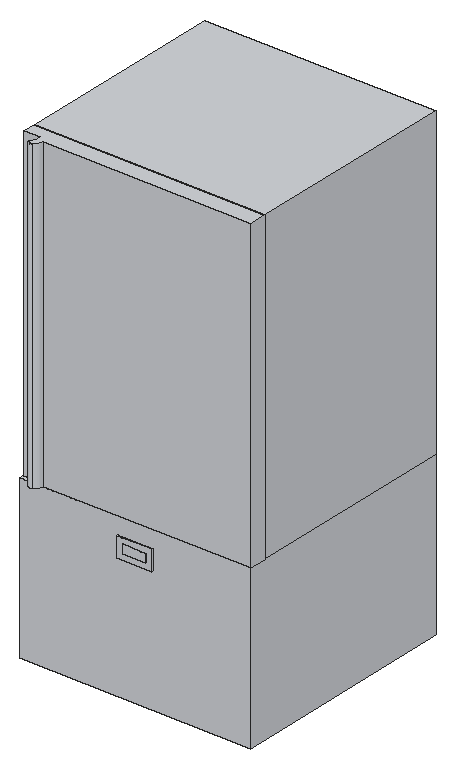
Revit family "Шкафы шоковой заморозки", category Оборудование, Revit 2020
Family settings
  Размер круглого соединителя = Использовать диаметр
  Классификация = Нет
  Тип детали = Нормальный
  На основе рабочей плоскости = Нет
  Всегда вертикально = Да
  При загрузке вырезать с полостями = Нет
  Общий = Нет
  Точка расчета площади = Нет
Parameters (values of type "GR10-G")
  Цена, руб. = "209 900"
  Хладагент = "R404/R452"
  Усл. окр. среды (тем., вл-сть %) = "до +40"
  Толщина стенки корпуса, мм = "61"
  Тип оттайки = "автоматическая, горячим газом"
  Терморегулятор = "электронный блок управления"
  Система электропитания, В/Гц = "230/50"
  Режим мягкого охлаждения = "+"
  Режим мягкого замораживания = "+"
  Режим быстрого охлаждения = "+"
  Режим быстрого замораживания = "+"
  Размеры в упаковке, мм = "920х1860х1000"
  Охлаждение от ... до ... темп. = "+90 ... +3"
  Отметка по умолчанию = 0 mm
  Низкий = no
  Материал обшивок корпуса = "нержавеющая сталь"
  Масса охлаждаемого продукта, кг = "35"
  Масса нетто/брутто, кг = "175/210"
  Масса замораживаемого продукта, кг = "25"
  Кол-во уровней под GN1/1 или EN40/60 = "10"
  Замораживание от ... до ... темп. = "+90 ... -18"
  Габаритные размеры, мм = "800х800х1670"
  Высокий = yes
  Время охлаждения = "90 минут"
  Время замораживания = "240 минут"
  IP 24 = "+"
Reference planes
  plane 1 "По центру (Вперед/Назад)": y = 0
  plane 2: z = 0
  plane 3 "По центру (Влево/Вправо)": x = 0
  plane 4: x = -400
  plane 5: x = 400
  plane 6: z = 900
  plane 7: z = 380
  plane 8: z = 40
  plane 9: y = -800
  plane 10: y = -739
  plane 11: x = -60
  plane 12: x = 60
  plane 13: z = 330
  plane 14: z = 260
  plane 15: y = -805
  plane 16: y = -369
  plane 17: z = 600
  plane 18: z = 1670
  plane 19: x = -300
  plane 20: x = 300
  plane 21: y = -100
  plane 22: y = -639
Forms (mm)
  Extrusion 1, solid, visible <- "Низкий"
    sketch origin (0, 0, 0) x (1, 0, 0) y (0, 0, 1)
      loop
        line (-400, 900) -> (-400, 380) -> (400, 380) -> (400, 900) -> (-400, 900)
    from 0 to 739
  Extrusion 2, solid, visible <- "Низкий"
    sketch origin (0, 0, 0) x (1, 0, 0) y (0, 0, 1)
      loop
        line (-400, 380) -> (-400, 40) -> (400, 40) -> (400, 380) -> (-400, 380)
    from 0 to 800
  Extrusion 3, solid, visible <- "Низкий"
    sketch origin (0, 0, 0) x (1, 0, 0) y (0, 1, 0)
      loop
        line (-400, -739) -> (-400, -784) -> (-345, -784)
        arc (-345, -784) -> (-345.307, -801.014) -> (-355, -815) r 29.361
        arc (-355, -815) -> (-351.155, -825.482) -> (-340, -825) r 9.46
        arc (-340, -825) -> (-327.696, -814.987) -> (-322.495, -800) r 29.025
        line (-322.495, -800) -> (400, -800) -> (400, -739) -> (-400, -739)
    from 380 to 900
  Extrusion 4, solid, visible <- "Низкий", detail levels medium+fine
    sketch origin (0, 0, 0) x (1, 0, 0) y (0, 0, 1)
      loop
        line (-60, 330) -> (-60, 260) -> (60, 260) -> (60, 330) -> (-60, 330)
    from 800 to 805
  Extrusion 5, solid, visible <- "Низкий", detail levels fine
    sketch origin (0, 0, 0) x (1, 0, 0) y (0, 0, 1)
      loop
        line (-40, 310) -> (-40, 280) -> (40, 280) -> (40, 310) -> (-40, 310)
    from 800 to 805
  Extrusion 6, solid, visible <- "Высокий"
    sketch origin (0, -800, 0) x (1, 0, 0) y (0, 0, 1)
      loop
        line (-400, 600) -> (-400, 40) -> (400, 40) -> (400, 600) -> (-400, 600)
    from -800 to 0
  Extrusion 7, solid, visible <- "Высокий", detail levels medium+fine
    sketch origin (0, 0, 211.586) x (1, 0, 0) y (0, 0, 1)
      loop
        line (-60, 330) -> (-60, 260) -> (60, 260) -> (60, 330) -> (-60, 330)
    from 800 to 805
  Extrusion 8, solid, visible <- "Высокий", detail levels fine
    sketch origin (0, 0, 211.586) x (1, 0, 0) y (0, 0, 1)
      loop
        line (-40, 310) -> (-40, 280) -> (40, 280) -> (40, 310) -> (-40, 310)
    from 800 to 805
  Extrusion 9, solid, visible <- "Высокий"
    sketch origin (0, -800, 0) x (1, 0, 0) y (0, 0, 1)
      loop
        line (-400, 1670) -> (-400, 600) -> (400, 600) -> (400, 1670) -> (-400, 1670)
    from -800 to -61
  Extrusion 10, solid, visible <- "Высокий"
    sketch origin (0, 0, 0) x (1, 0, 0) y (0, 1, 0)
      loop
        line (-400, -739) -> (-400, -784) -> (-345, -784)
        arc (-345, -784) -> (-345.307, -801.014) -> (-355, -815) r 29.361
        arc (-355, -815) -> (-351.155, -825.482) -> (-340, -825) r 9.46
        arc (-340, -825) -> (-327.696, -814.987) -> (-322.495, -800) r 29.025
        line (-322.495, -800) -> (400, -800) -> (400, -739) -> (-400, -739)
    from 600 to 1670
  Extrusion 11, solid
    sketch origin (0, 0, 0) x (1, 0, 0) y (0, 1, 0)
      loop
        circle (-300, -100) r 40
      loop
        circle (-300, -639) r 40
      loop
        circle (300, -639) r 40
      loop
        circle (300, -100) r 40
    from 0 to 40
Lines and regions (mm)
  model lines, visible <- "Низкий", detail levels fine
    curve 1: line (-18.293, -800, 236.857) -> (-4.151, -800, 222.715)
    curve 2: line (-18.293, -800, 221.857) -> (-4.151, -800, 207.715)
    curve 3: line (-18.293, -800, 206.857) -> (-4.151, -800, 192.715)
    curve 4: line (-18.293, -800, 191.857) -> (-4.151, -800, 177.715)
    curve 5: line (-18.293, -800, 176.857) -> (-4.151, -800, 162.715)
    curve 6: line (-18.293, -800, 161.857) -> (-4.151, -800, 147.715)
    curve 7: line (-18.293, -800, 146.857) -> (-4.151, -800, 132.715)
    curve 8: line (-18.293, -800, 131.857) -> (-4.151, -800, 117.715)
    curve 9: line (-18.293, -800, 116.857) -> (-4.151, -800, 102.715)
    curve 10: line (-18.293, -800, 101.857) -> (-4.151, -800, 87.715)
    curve 11: line (-18.293, -800, 86.857) -> (-4.151, -800, 72.715)
    curve 12: line (-18.293, -800, 71.857) -> (-4.151, -800, 57.715)
    curve 13: line (-38.293, -800, 236.857) -> (-24.151, -800, 222.715)
    curve 14: line (-38.293, -800, 221.857) -> (-24.151, -800, 207.715)
    curve 15: line (-38.293, -800, 206.857) -> (-24.151, -800, 192.715)
    curve 16: line (-38.293, -800, 191.857) -> (-24.151, -800, 177.715)
    curve 17: line (-38.293, -800, 176.857) -> (-24.151, -800, 162.715)
    curve 18: line (-38.293, -800, 161.857) -> (-24.151, -800, 147.715)
    curve 19: line (-38.293, -800, 146.857) -> (-24.151, -800, 132.715)
    curve 20: line (-38.293, -800, 131.857) -> (-24.151, -800, 117.715)
    curve 21: line (-38.293, -800, 116.857) -> (-24.151, -800, 102.715)
    curve 22: line (-38.293, -800, 101.857) -> (-24.151, -800, 87.715)
    curve 23: line (-38.293, -800, 86.857) -> (-24.151, -800, 72.715)
    curve 24: line (-38.293, -800, 71.857) -> (-24.151, -800, 57.715)
    curve 25: line (-58.293, -800, 236.857) -> (-44.151, -800, 222.715)
    curve 26: line (-58.293, -800, 221.857) -> (-44.151, -800, 207.715)
    curve 27: line (-58.293, -800, 206.857) -> (-44.151, -800, 192.715)
    curve 28: line (-58.293, -800, 191.857) -> (-44.151, -800, 177.715)
    curve 29: line (-58.293, -800, 176.857) -> (-44.151, -800, 162.715)
    curve 30: line (-58.293, -800, 161.857) -> (-44.151, -800, 147.715)
    curve 31: line (-58.293, -800, 146.857) -> (-44.151, -800, 132.715)
    curve 32: line (-58.293, -800, 131.857) -> (-44.151, -800, 117.715)
    curve 33: line (-58.293, -800, 116.857) -> (-44.151, -800, 102.715)
    curve 34: line (-58.293, -800, 101.857) -> (-44.151, -800, 87.715)
    curve 35: line (-58.293, -800, 86.857) -> (-44.151, -800, 72.715)
    curve 36: line (-58.293, -800, 71.857) -> (-44.151, -800, 57.715)
    curve 37: line (-78.293, -800, 236.857) -> (-64.151, -800, 222.715)
    curve 38: line (-78.293, -800, 221.857) -> (-64.151, -800, 207.715)
    curve 39: line (-78.293, -800, 206.857) -> (-64.151, -800, 192.715)
    curve 40: line (-78.293, -800, 191.857) -> (-64.151, -800, 177.715)
    curve 41: line (-78.293, -800, 176.857) -> (-64.151, -800, 162.715)
    curve 42: line (-78.293, -800, 161.857) -> (-64.151, -800, 147.715)
    curve 43: line (-78.293, -800, 146.857) -> (-64.151, -800, 132.715)
    curve 44: line (-78.293, -800, 131.857) -> (-64.151, -800, 117.715)
    curve 45: line (-78.293, -800, 116.857) -> (-64.151, -800, 102.715)
    curve 46: line (-78.293, -800, 101.857) -> (-64.151, -800, 87.715)
    curve 47: line (-78.293, -800, 86.857) -> (-64.151, -800, 72.715)
    curve 48: line (-78.293, -800, 71.857) -> (-64.151, -800, 57.715)
    curve 49: line (-98.293, -800, 236.857) -> (-84.151, -800, 222.715)
    curve 50: line (-98.293, -800, 221.857) -> (-84.151, -800, 207.715)
    curve 51: line (-98.293, -800, 206.857) -> (-84.151, -800, 192.715)
    curve 52: line (-98.293, -800, 191.857) -> (-84.151, -800, 177.715)
    curve 53: line (-98.293, -800, 176.857) -> (-84.151, -800, 162.715)
    curve 54: line (-98.293, -800, 161.857) -> (-84.151, -800, 147.715)
    curve 55: line (-98.293, -800, 146.857) -> (-84.151, -800, 132.715)
    curve 56: line (-98.293, -800, 131.857) -> (-84.151, -800, 117.715)
    curve 57: line (-98.293, -800, 116.857) -> (-84.151, -800, 102.715)
    curve 58: line (-98.293, -800, 101.857) -> (-84.151, -800, 87.715)
    curve 59: line (-98.293, -800, 86.857) -> (-84.151, -800, 72.715)
    curve 60: line (-98.293, -800, 71.857) -> (-84.151, -800, 57.715)
    curve 61: line (-98.293, -800, 251.857) -> (-84.151, -800, 237.715)
    curve 62: line (-98.293, -800, 266.857) -> (-84.151, -800, 252.715)
    curve 63: line (-98.293, -800, 281.857) -> (-84.151, -800, 267.715)
    curve 64: line (-98.293, -800, 296.857) -> (-84.151, -800, 282.715)
    curve 65: line (-98.293, -800, 311.857) -> (-84.151, -800, 297.715)
    curve 66: line (-118.293, -800, 236.857) -> (-104.151, -800, 222.715)
    curve 67: line (-118.293, -800, 221.857) -> (-104.151, -800, 207.715)
    curve 68: line (-118.293, -800, 206.857) -> (-104.151, -800, 192.715)
    curve 69: line (-118.293, -800, 191.857) -> (-104.151, -800, 177.715)
    curve 70: line (-118.293, -800, 176.857) -> (-104.151, -800, 162.715)
    curve 71: line (-118.293, -800, 161.857) -> (-104.151, -800, 147.715)
    curve 72: line (-118.293, -800, 146.857) -> (-104.151, -800, 132.715)
    curve 73: line (-118.293, -800, 131.857) -> (-104.151, -800, 117.715)
    curve 74: line (-118.293, -800, 116.857) -> (-104.151, -800, 102.715)
    curve 75: line (-118.293, -800, 101.857) -> (-104.151, -800, 87.715)
    curve 76: line (-118.293, -800, 86.857) -> (-104.151, -800, 72.715)
    curve 77: line (-118.293, -800, 71.857) -> (-104.151, -800, 57.715)
    curve 78: line (-118.293, -800, 251.857) -> (-104.151, -800, 237.715)
    curve 79: line (-118.293, -800, 266.857) -> (-104.151, -800, 252.715)
    curve 80: line (-118.293, -800, 281.857) -> (-104.151, -800, 267.715)
    curve 81: line (-118.293, -800, 296.857) -> (-104.151, -800, 282.715)
    curve 82: line (-118.293, -800, 311.857) -> (-104.151, -800, 297.715)
    curve 83: line (-138.293, -800, 236.857) -> (-124.151, -800, 222.715)
    curve 84: line (-138.293, -800, 221.857) -> (-124.151, -800, 207.715)
    curve 85: line (-138.293, -800, 206.857) -> (-124.151, -800, 192.715)
    curve 86: line (-138.293, -800, 191.857) -> (-124.151, -800, 177.715)
    curve 87: line (-138.293, -800, 176.857) -> (-124.151, -800, 162.715)
    curve 88: line (-138.293, -800, 161.857) -> (-124.151, -800, 147.715)
    curve 89: line (-138.293, -800, 146.857) -> (-124.151, -800, 132.715)
    curve 90: line (-138.293, -800, 131.857) -> (-124.151, -800, 117.715)
    curve 91: line (-138.293, -800, 116.857) -> (-124.151, -800, 102.715)
    curve 92: line (-138.293, -800, 101.857) -> (-124.151, -800, 87.715)
    curve 93: line (-138.293, -800, 86.857) -> (-124.151, -800, 72.715)
    curve 94: line (-138.293, -800, 71.857) -> (-124.151, -800, 57.715)
    curve 95: line (-138.293, -800, 251.857) -> (-124.151, -800, 237.715)
    curve 96: line (-138.293, -800, 266.857) -> (-124.151, -800, 252.715)
    curve 97: line (-138.293, -800, 281.857) -> (-124.151, -800, 267.715)
    curve 98: line (-138.293, -800, 296.857) -> (-124.151, -800, 282.715)
    curve 99: line (-138.293, -800, 311.857) -> (-124.151, -800, 297.715)
    curve 100: line (-158.293, -800, 236.857) -> (-144.151, -800, 222.715)
    curve 101: line (-158.293, -800, 221.857) -> (-144.151, -800, 207.715)
    curve 102: line (-158.293, -800, 206.857) -> (-144.151, -800, 192.715)
    curve 103: line (-158.293, -800, 191.857) -> (-144.151, -800, 177.715)
    curve 104: line (-158.293, -800, 176.857) -> (-144.151, -800, 162.715)
    curve 105: line (-158.293, -800, 161.857) -> (-144.151, -800, 147.715)
    curve 106: line (-158.293, -800, 146.857) -> (-144.151, -800, 132.715)
    curve 107: line (-158.293, -800, 131.857) -> (-144.151, -800, 117.715)
    curve 108: line (-158.293, -800, 116.857) -> (-144.151, -800, 102.715)
    curve 109: line (-158.293, -800, 101.857) -> (-144.151, -800, 87.715)
    curve 110: line (-158.293, -800, 86.857) -> (-144.151, -800, 72.715)
    curve 111: line (-158.293, -800, 71.857) -> (-144.151, -800, 57.715)
    curve 112: line (-158.293, -800, 251.857) -> (-144.151, -800, 237.715)
    curve 113: line (-158.293, -800, 266.857) -> (-144.151, -800, 252.715)
    curve 114: line (-158.293, -800, 281.857) -> (-144.151, -800, 267.715)
    curve 115: line (-158.293, -800, 296.857) -> (-144.151, -800, 282.715)
    curve 116: line (-158.293, -800, 311.857) -> (-144.151, -800, 297.715)
    curve 117: line (-178.293, -800, 236.857) -> (-164.151, -800, 222.715)
    curve 118: line (-178.293, -800, 221.857) -> (-164.151, -800, 207.715)
    curve 119: line (-178.293, -800, 206.857) -> (-164.151, -800, 192.715)
    curve 120: line (-178.293, -800, 191.857) -> (-164.151, -800, 177.715)
    curve 121: line (-178.293, -800, 176.857) -> (-164.151, -800, 162.715)
    curve 122: line (-178.293, -800, 161.857) -> (-164.151, -800, 147.715)
    curve 123: line (-178.293, -800, 146.857) -> (-164.151, -800, 132.715)
    curve 124: line (-178.293, -800, 131.857) -> (-164.151, -800, 117.715)
    curve 125: line (-178.293, -800, 116.857) -> (-164.151, -800, 102.715)
    curve 126: line (-178.293, -800, 101.857) -> (-164.151, -800, 87.715)
    curve 127: line (-178.293, -800, 86.857) -> (-164.151, -800, 72.715)
    curve 128: line (-178.293, -800, 71.857) -> (-164.151, -800, 57.715)
    curve 129: line (-178.293, -800, 251.857) -> (-164.151, -800, 237.715)
    curve 130: line (-178.293, -800, 266.857) -> (-164.151, -800, 252.715)
    curve 131: line (-178.293, -800, 281.857) -> (-164.151, -800, 267.715)
    curve 132: line (-178.293, -800, 296.857) -> (-164.151, -800, 282.715)
    curve 133: line (-178.293, -800, 311.857) -> (-164.151, -800, 297.715)
    curve 134: line (-198.293, -800, 236.857) -> (-184.151, -800, 222.715)
    curve 135: line (-198.293, -800, 221.857) -> (-184.151, -800, 207.715)
    curve 136: line (-198.293, -800, 206.857) -> (-184.151, -800, 192.715)
    curve 137: line (-198.293, -800, 191.857) -> (-184.151, -800, 177.715)
    curve 138: line (-198.293, -800, 176.857) -> (-184.151, -800, 162.715)
    curve 139: line (-198.293, -800, 161.857) -> (-184.151, -800, 147.715)
    curve 140: line (-198.293, -800, 146.857) -> (-184.151, -800, 132.715)
    curve 141: line (-198.293, -800, 131.857) -> (-184.151, -800, 117.715)
    curve 142: line (-198.293, -800, 116.857) -> (-184.151, -800, 102.715)
    curve 143: line (-198.293, -800, 101.857) -> (-184.151, -800, 87.715)
    curve 144: line (-198.293, -800, 86.857) -> (-184.151, -800, 72.715)
    curve 145: line (-198.293, -800, 71.857) -> (-184.151, -800, 57.715)
    curve 146: line (-198.293, -800, 251.857) -> (-184.151, -800, 237.715)
    curve 147: line (-198.293, -800, 266.857) -> (-184.151, -800, 252.715)
    curve 148: line (-198.293, -800, 281.857) -> (-184.151, -800, 267.715)
    curve 149: line (-198.293, -800, 296.857) -> (-184.151, -800, 282.715)
    curve 150: line (-198.293, -800, 311.857) -> (-184.151, -800, 297.715)
    curve 151: line (-218.293, -800, 236.857) -> (-204.151, -800, 222.715)
    curve 152: line (-218.293, -800, 221.857) -> (-204.151, -800, 207.715)
    curve 153: line (-218.293, -800, 206.857) -> (-204.151, -800, 192.715)
    curve 154: line (-218.293, -800, 191.857) -> (-204.151, -800, 177.715)
    curve 155: line (-218.293, -800, 176.857) -> (-204.151, -800, 162.715)
    curve 156: line (-218.293, -800, 161.857) -> (-204.151, -800, 147.715)
    curve 157: line (-218.293, -800, 146.857) -> (-204.151, -800, 132.715)
    curve 158: line (-218.293, -800, 131.857) -> (-204.151, -800, 117.715)
    curve 159: line (-218.293, -800, 116.857) -> (-204.151, -800, 102.715)
    curve 160: line (-218.293, -800, 101.857) -> (-204.151, -800, 87.715)
    curve 161: line (-218.293, -800, 86.857) -> (-204.151, -800, 72.715)
    curve 162: line (-218.293, -800, 71.857) -> (-204.151, -800, 57.715)
    curve 163: line (-218.293, -800, 251.857) -> (-204.151, -800, 237.715)
    curve 164: line (-218.293, -800, 266.857) -> (-204.151, -800, 252.715)
    curve 165: line (-218.293, -800, 281.857) -> (-204.151, -800, 267.715)
    curve 166: line (-218.293, -800, 296.857) -> (-204.151, -800, 282.715)
    curve 167: line (-218.293, -800, 311.857) -> (-204.151, -800, 297.715)
    curve 168: line (-238.293, -800, 236.857) -> (-224.151, -800, 222.715)
    curve 169: line (-238.293, -800, 221.857) -> (-224.151, -800, 207.715)
    curve 170: line (-238.293, -800, 206.857) -> (-224.151, -800, 192.715)
    curve 171: line (-238.293, -800, 191.857) -> (-224.151, -800, 177.715)
    curve 172: line (-238.293, -800, 176.857) -> (-224.151, -800, 162.715)
    curve 173: line (-238.293, -800, 161.857) -> (-224.151, -800, 147.715)
    curve 174: line (-238.293, -800, 146.857) -> (-224.151, -800, 132.715)
    curve 175: line (-238.293, -800, 131.857) -> (-224.151, -800, 117.715)
    curve 176: line (-238.293, -800, 116.857) -> (-224.151, -800, 102.715)
    curve 177: line (-238.293, -800, 101.857) -> (-224.151, -800, 87.715)
    curve 178: line (-238.293, -800, 86.857) -> (-224.151, -800, 72.715)
    curve 179: line (-238.293, -800, 71.857) -> (-224.151, -800, 57.715)
    curve 180: line (-238.293, -800, 251.857) -> (-224.151, -800, 237.715)
    curve 181: line (-238.293, -800, 266.857) -> (-224.151, -800, 252.715)
    curve 182: line (-238.293, -800, 281.857) -> (-224.151, -800, 267.715)
    curve 183: line (-238.293, -800, 296.857) -> (-224.151, -800, 282.715)
    curve 184: line (-238.293, -800, 311.857) -> (-224.151, -800, 297.715)
    curve 185: line (-258.293, -800, 236.857) -> (-244.151, -800, 222.715)
    curve 186: line (-258.293, -800, 221.857) -> (-244.151, -800, 207.715)
    curve 187: line (-258.293, -800, 206.857) -> (-244.151, -800, 192.715)
    curve 188: line (-258.293, -800, 191.857) -> (-244.151, -800, 177.715)
    curve 189: line (-258.293, -800, 176.857) -> (-244.151, -800, 162.715)
    curve 190: line (-258.293, -800, 161.857) -> (-244.151, -800, 147.715)
    curve 191: line (-258.293, -800, 146.857) -> (-244.151, -800, 132.715)
    curve 192: line (-258.293, -800, 131.857) -> (-244.151, -800, 117.715)
    curve 193: line (-258.293, -800, 116.857) -> (-244.151, -800, 102.715)
    curve 194: line (-258.293, -800, 101.857) -> (-244.151, -800, 87.715)
    curve 195: line (-258.293, -800, 86.857) -> (-244.151, -800, 72.715)
    curve 196: line (-258.293, -800, 71.857) -> (-244.151, -800, 57.715)
    curve 197: line (-258.293, -800, 251.857) -> (-244.151, -800, 237.715)
    curve 198: line (-258.293, -800, 266.857) -> (-244.151, -800, 252.715)
    curve 199: line (-258.293, -800, 281.857) -> (-244.151, -800, 267.715)
    curve 200: line (-258.293, -800, 296.857) -> (-244.151, -800, 282.715)
    curve 201: line (-258.293, -800, 311.857) -> (-244.151, -800, 297.715)
    curve 202: line (18.293, -800, 236.857) -> (4.151, -800, 222.715)
    curve 203: line (18.293, -800, 221.857) -> (4.151, -800, 207.715)
    curve 204: line (18.293, -800, 206.857) -> (4.151, -800, 192.715)
    curve 205: line (18.293, -800, 191.857) -> (4.151, -800, 177.715)
    curve 206: line (18.293, -800, 176.857) -> (4.151, -800, 162.715)
    curve 207: line (18.293, -800, 161.857) -> (4.151, -800, 147.715)
    curve 208: line (18.293, -800, 146.857) -> (4.151, -800, 132.715)
    curve 209: line (18.293, -800, 131.857) -> (4.151, -800, 117.715)
    curve 210: line (18.293, -800, 116.857) -> (4.151, -800, 102.715)
    curve 211: line (18.293, -800, 101.857) -> (4.151, -800, 87.715)
    curve 212: line (18.293, -800, 86.857) -> (4.151, -800, 72.715)
    curve 213: line (18.293, -800, 71.857) -> (4.151, -800, 57.715)
    curve 214: line (38.293, -800, 236.857) -> (24.151, -800, 222.715)
    curve 215: line (38.293, -800, 221.857) -> (24.151, -800, 207.715)
    curve 216: line (38.293, -800, 206.857) -> (24.151, -800, 192.715)
    curve 217: line (38.293, -800, 191.857) -> (24.151, -800, 177.715)
    curve 218: line (38.293, -800, 176.857) -> (24.151, -800, 162.715)
    curve 219: line (38.293, -800, 161.857) -> (24.151, -800, 147.715)
    curve 220: line (38.293, -800, 146.857) -> (24.151, -800, 132.715)
    curve 221: line (38.293, -800, 131.857) -> (24.151, -800, 117.715)
    curve 222: line (38.293, -800, 116.857) -> (24.151, -800, 102.715)
    curve 223: line (38.293, -800, 101.857) -> (24.151, -800, 87.715)
    curve 224: line (38.293, -800, 86.857) -> (24.151, -800, 72.715)
    curve 225: line (38.293, -800, 71.857) -> (24.151, -800, 57.715)
    curve 226: line (58.293, -800, 236.857) -> (44.151, -800, 222.715)
    curve 227: line (58.293, -800, 221.857) -> (44.151, -800, 207.715)
    curve 228: line (58.293, -800, 206.857) -> (44.151, -800, 192.715)
    curve 229: line (58.293, -800, 191.857) -> (44.151, -800, 177.715)
    curve 230: line (58.293, -800, 176.857) -> (44.151, -800, 162.715)
    curve 231: line (58.293, -800, 161.857) -> (44.151, -800, 147.715)
    curve 232: line (58.293, -800, 146.857) -> (44.151, -800, 132.715)
    curve 233: line (58.293, -800, 131.857) -> (44.151, -800, 117.715)
    curve 234: line (58.293, -800, 116.857) -> (44.151, -800, 102.715)
    curve 235: line (58.293, -800, 101.857) -> (44.151, -800, 87.715)
    curve 236: line (58.293, -800, 86.857) -> (44.151, -800, 72.715)
    curve 237: line (58.293, -800, 71.857) -> (44.151, -800, 57.715)
    curve 238: line (78.293, -800, 236.857) -> (64.151, -800, 222.715)
    curve 239: line (78.293, -800, 221.857) -> (64.151, -800, 207.715)
    curve 240: line (78.293, -800, 206.857) -> (64.151, -800, 192.715)
    curve 241: line (78.293, -800, 191.857) -> (64.151, -800, 177.715)
    curve 242: line (78.293, -800, 176.857) -> (64.151, -800, 162.715)
    curve 243: line (78.293, -800, 161.857) -> (64.151, -800, 147.715)
    curve 244: line (78.293, -800, 146.857) -> (64.151, -800, 132.715)
    curve 245: line (78.293, -800, 131.857) -> (64.151, -800, 117.715)
    curve 246: line (78.293, -800, 116.857) -> (64.151, -800, 102.715)
    curve 247: line (78.293, -800, 101.857) -> (64.151, -800, 87.715)
    curve 248: line (78.293, -800, 86.857) -> (64.151, -800, 72.715)
    curve 249: line (78.293, -800, 71.857) -> (64.151, -800, 57.715)
    curve 250: line (98.293, -800, 236.857) -> (84.151, -800, 222.715)
    curve 251: line (98.293, -800, 221.857) -> (84.151, -800, 207.715)
    curve 252: line (98.293, -800, 206.857) -> (84.151, -800, 192.715)
    curve 253: line (98.293, -800, 191.857) -> (84.151, -800, 177.715)
    curve 254: line (98.293, -800, 176.857) -> (84.151, -800, 162.715)
    curve 255: line (98.293, -800, 161.857) -> (84.151, -800, 147.715)
    curve 256: line (98.293, -800, 146.857) -> (84.151, -800, 132.715)
    curve 257: line (98.293, -800, 131.857) -> (84.151, -800, 117.715)
    curve 258: line (98.293, -800, 116.857) -> (84.151, -800, 102.715)
    curve 259: line (98.293, -800, 101.857) -> (84.151, -800, 87.715)
    curve 260: line (98.293, -800, 86.857) -> (84.151, -800, 72.715)
    curve 261: line (98.293, -800, 71.857) -> (84.151, -800, 57.715)
    curve 262: line (98.293, -800, 251.857) -> (84.151, -800, 237.715)
    curve 263: line (98.293, -800, 266.857) -> (84.151, -800, 252.715)
    curve 264: line (98.293, -800, 281.857) -> (84.151, -800, 267.715)
    curve 265: line (98.293, -800, 296.857) -> (84.151, -800, 282.715)
    curve 266: line (98.293, -800, 311.857) -> (84.151, -800, 297.715)
    curve 267: line (118.293, -800, 236.857) -> (104.151, -800, 222.715)
    curve 268: line (118.293, -800, 221.857) -> (104.151, -800, 207.715)
    curve 269: line (118.293, -800, 206.857) -> (104.151, -800, 192.715)
    curve 270: line (118.293, -800, 191.857) -> (104.151, -800, 177.715)
    curve 271: line (118.293, -800, 176.857) -> (104.151, -800, 162.715)
    curve 272: line (118.293, -800, 161.857) -> (104.151, -800, 147.715)
    curve 273: line (118.293, -800, 146.857) -> (104.151, -800, 132.715)
    curve 274: line (118.293, -800, 131.857) -> (104.151, -800, 117.715)
    curve 275: line (118.293, -800, 116.857) -> (104.151, -800, 102.715)
    curve 276: line (118.293, -800, 101.857) -> (104.151, -800, 87.715)
    curve 277: line (118.293, -800, 86.857) -> (104.151, -800, 72.715)
    curve 278: line (118.293, -800, 71.857) -> (104.151, -800, 57.715)
    curve 279: line (118.293, -800, 251.857) -> (104.151, -800, 237.715)
    curve 280: line (118.293, -800, 266.857) -> (104.151, -800, 252.715)
    curve 281: line (118.293, -800, 281.857) -> (104.151, -800, 267.715)
    curve 282: line (118.293, -800, 296.857) -> (104.151, -800, 282.715)
    curve 283: line (118.293, -800, 311.857) -> (104.151, -800, 297.715)
    curve 284: line (138.293, -800, 236.857) -> (124.151, -800, 222.715)
    curve 285: line (138.293, -800, 221.857) -> (124.151, -800, 207.715)
    curve 286: line (138.293, -800, 206.857) -> (124.151, -800, 192.715)
    curve 287: line (138.293, -800, 191.857) -> (124.151, -800, 177.715)
    curve 288: line (138.293, -800, 176.857) -> (124.151, -800, 162.715)
    curve 289: line (138.293, -800, 161.857) -> (124.151, -800, 147.715)
    curve 290: line (138.293, -800, 146.857) -> (124.151, -800, 132.715)
    curve 291: line (138.293, -800, 131.857) -> (124.151, -800, 117.715)
    curve 292: line (138.293, -800, 116.857) -> (124.151, -800, 102.715)
    curve 293: line (138.293, -800, 101.857) -> (124.151, -800, 87.715)
    curve 294: line (138.293, -800, 86.857) -> (124.151, -800, 72.715)
    curve 295: line (138.293, -800, 71.857) -> (124.151, -800, 57.715)
    curve 296: line (138.293, -800, 251.857) -> (124.151, -800, 237.715)
    curve 297: line (138.293, -800, 266.857) -> (124.151, -800, 252.715)
    curve 298: line (138.293, -800, 281.857) -> (124.151, -800, 267.715)
    curve 299: line (138.293, -800, 296.857) -> (124.151, -800, 282.715)
    curve 300: line (138.293, -800, 311.857) -> (124.151, -800, 297.715)
    curve 301: line (158.293, -800, 236.857) -> (144.151, -800, 222.715)
    curve 302: line (158.293, -800, 221.857) -> (144.151, -800, 207.715)
    curve 303: line (158.293, -800, 206.857) -> (144.151, -800, 192.715)
    curve 304: line (158.293, -800, 191.857) -> (144.151, -800, 177.715)
    curve 305: line (158.293, -800, 176.857) -> (144.151, -800, 162.715)
    curve 306: line (158.293, -800, 161.857) -> (144.151, -800, 147.715)
    curve 307: line (158.293, -800, 146.857) -> (144.151, -800, 132.715)
    curve 308: line (158.293, -800, 131.857) -> (144.151, -800, 117.715)
    curve 309: line (158.293, -800, 116.857) -> (144.151, -800, 102.715)
    curve 310: line (158.293, -800, 101.857) -> (144.151, -800, 87.715)
    curve 311: line (158.293, -800, 86.857) -> (144.151, -800, 72.715)
    curve 312: line (158.293, -800, 71.857) -> (144.151, -800, 57.715)
    curve 313: line (158.293, -800, 251.857) -> (144.151, -800, 237.715)
    curve 314: line (158.293, -800, 266.857) -> (144.151, -800, 252.715)
    curve 315: line (158.293, -800, 281.857) -> (144.151, -800, 267.715)
    curve 316: line (158.293, -800, 296.857) -> (144.151, -800, 282.715)
    curve 317: line (158.293, -800, 311.857) -> (144.151, -800, 297.715)
    curve 318: line (178.293, -800, 236.857) -> (164.151, -800, 222.715)
    curve 319: line (178.293, -800, 221.857) -> (164.151, -800, 207.715)
    curve 320: line (178.293, -800, 206.857) -> (164.151, -800, 192.715)
    curve 321: line (178.293, -800, 191.857) -> (164.151, -800, 177.715)
    curve 322: line (178.293, -800, 176.857) -> (164.151, -800, 162.715)
    curve 323: line (178.293, -800, 161.857) -> (164.151, -800, 147.715)
    curve 324: line (178.293, -800, 146.857) -> (164.151, -800, 132.715)
    curve 325: line (178.293, -800, 131.857) -> (164.151, -800, 117.715)
    curve 326: line (178.293, -800, 116.857) -> (164.151, -800, 102.715)
    curve 327: line (178.293, -800, 101.857) -> (164.151, -800, 87.715)
    curve 328: line (178.293, -800, 86.857) -> (164.151, -800, 72.715)
    curve 329: line (178.293, -800, 71.857) -> (164.151, -800, 57.715)
    curve 330: line (178.293, -800, 251.857) -> (164.151, -800, 237.715)
    curve 331: line (178.293, -800, 266.857) -> (164.151, -800, 252.715)
    curve 332: line (178.293, -800, 281.857) -> (164.151, -800, 267.715)
    curve 333: line (178.293, -800, 296.857) -> (164.151, -800, 282.715)
    curve 334: line (178.293, -800, 311.857) -> (164.151, -800, 297.715)
    curve 335: line (198.293, -800, 236.857) -> (184.151, -800, 222.715)
    curve 336: line (198.293, -800, 221.857) -> (184.151, -800, 207.715)
    curve 337: line (198.293, -800, 206.857) -> (184.151, -800, 192.715)
    curve 338: line (198.293, -800, 191.857) -> (184.151, -800, 177.715)
    curve 339: line (198.293, -800, 176.857) -> (184.151, -800, 162.715)
    curve 340: line (198.293, -800, 161.857) -> (184.151, -800, 147.715)
    curve 341: line (198.293, -800, 146.857) -> (184.151, -800, 132.715)
    curve 342: line (198.293, -800, 131.857) -> (184.151, -800, 117.715)
    curve 343: line (198.293, -800, 116.857) -> (184.151, -800, 102.715)
    curve 344: line (198.293, -800, 101.857) -> (184.151, -800, 87.715)
    curve 345: line (198.293, -800, 86.857) -> (184.151, -800, 72.715)
    curve 346: line (198.293, -800, 71.857) -> (184.151, -800, 57.715)
    curve 347: line (198.293, -800, 251.857) -> (184.151, -800, 237.715)
    curve 348: line (198.293, -800, 266.857) -> (184.151, -800, 252.715)
    curve 349: line (198.293, -800, 281.857) -> (184.151, -800, 267.715)
    curve 350: line (198.293, -800, 296.857) -> (184.151, -800, 282.715)
    curve 351: line (198.293, -800, 311.857) -> (184.151, -800, 297.715)
    curve 352: line (218.293, -800, 236.857) -> (204.151, -800, 222.715)
    curve 353: line (218.293, -800, 221.857) -> (204.151, -800, 207.715)
    curve 354: line (218.293, -800, 206.857) -> (204.151, -800, 192.715)
    curve 355: line (218.293, -800, 191.857) -> (204.151, -800, 177.715)
    curve 356: line (218.293, -800, 176.857) -> (204.151, -800, 162.715)
    curve 357: line (218.293, -800, 161.857) -> (204.151, -800, 147.715)
    curve 358: line (218.293, -800, 146.857) -> (204.151, -800, 132.715)
    curve 359: line (218.293, -800, 131.857) -> (204.151, -800, 117.715)
    curve 360: line (218.293, -800, 116.857) -> (204.151, -800, 102.715)
    curve 361: line (218.293, -800, 101.857) -> (204.151, -800, 87.715)
    curve 362: line (218.293, -800, 86.857) -> (204.151, -800, 72.715)
    curve 363: line (218.293, -800, 71.857) -> (204.151, -800, 57.715)
    curve 364: line (218.293, -800, 251.857) -> (204.151, -800, 237.715)
    curve 365: line (218.293, -800, 266.857) -> (204.151, -800, 252.715)
    curve 366: line (218.293, -800, 281.857) -> (204.151, -800, 267.715)
    curve 367: line (218.293, -800, 296.857) -> (204.151, -800, 282.715)
    curve 368: line (218.293, -800, 311.857) -> (204.151, -800, 297.715)
    curve 369: line (238.293, -800, 236.857) -> (224.151, -800, 222.715)
    curve 370: line (238.293, -800, 221.857) -> (224.151, -800, 207.715)
    curve 371: line (238.293, -800, 206.857) -> (224.151, -800, 192.715)
    curve 372: line (238.293, -800, 191.857) -> (224.151, -800, 177.715)
    curve 373: line (238.293, -800, 176.857) -> (224.151, -800, 162.715)
    curve 374: line (238.293, -800, 161.857) -> (224.151, -800, 147.715)
    curve 375: line (238.293, -800, 146.857) -> (224.151, -800, 132.715)
    curve 376: line (238.293, -800, 131.857) -> (224.151, -800, 117.715)
    curve 377: line (238.293, -800, 116.857) -> (224.151, -800, 102.715)
    curve 378: line (238.293, -800, 101.857) -> (224.151, -800, 87.715)
    curve 379: line (238.293, -800, 86.857) -> (224.151, -800, 72.715)
    curve 380: line (238.293, -800, 71.857) -> (224.151, -800, 57.715)
    curve 381: line (238.293, -800, 251.857) -> (224.151, -800, 237.715)
    curve 382: line (238.293, -800, 266.857) -> (224.151, -800, 252.715)
    curve 383: line (238.293, -800, 281.857) -> (224.151, -800, 267.715)
    curve 384: line (238.293, -800, 296.857) -> (224.151, -800, 282.715)
    curve 385: line (238.293, -800, 311.857) -> (224.151, -800, 297.715)
    curve 386: line (258.293, -800, 236.857) -> (244.151, -800, 222.715)
    curve 387: line (258.293, -800, 221.857) -> (244.151, -800, 207.715)
    curve 388: line (258.293, -800, 206.857) -> (244.151, -800, 192.715)
    curve 389: line (258.293, -800, 191.857) -> (244.151, -800, 177.715)
    curve 390: line (258.293, -800, 176.857) -> (244.151, -800, 162.715)
    curve 391: line (258.293, -800, 161.857) -> (244.151, -800, 147.715)
    curve 392: line (258.293, -800, 146.857) -> (244.151, -800, 132.715)
    curve 393: line (258.293, -800, 131.857) -> (244.151, -800, 117.715)
    curve 394: line (258.293, -800, 116.857) -> (244.151, -800, 102.715)
    curve 395: line (258.293, -800, 101.857) -> (244.151, -800, 87.715)
    curve 396: line (258.293, -800, 86.857) -> (244.151, -800, 72.715)
    curve 397: line (258.293, -800, 71.857) -> (244.151, -800, 57.715)
    curve 398: line (258.293, -800, 251.857) -> (244.151, -800, 237.715)
    curve 399: line (258.293, -800, 266.857) -> (244.151, -800, 252.715)
    curve 400: line (258.293, -800, 281.857) -> (244.151, -800, 267.715)
    curve 401: line (258.293, -800, 296.857) -> (244.151, -800, 282.715)
    curve 402: line (258.293, -800, 311.857) -> (244.151, -800, 297.715)
    curve 403: line (-98.293, -800, 326.857) -> (-84.151, -800, 312.715)
    curve 404: line (-118.293, -800, 326.857) -> (-104.151, -800, 312.715)
    curve 405: line (-138.293, -800, 326.857) -> (-124.151, -800, 312.715)
    curve 406: line (-158.293, -800, 326.857) -> (-144.151, -800, 312.715)
    curve 407: line (-178.293, -800, 326.857) -> (-164.151, -800, 312.715)
    curve 408: line (-198.293, -800, 326.857) -> (-184.151, -800, 312.715)
    curve 409: line (-218.293, -800, 326.857) -> (-204.151, -800, 312.715)
    curve 410: line (-238.293, -800, 326.857) -> (-224.151, -800, 312.715)
    curve 411: line (-258.293, -800, 326.857) -> (-244.151, -800, 312.715)
    curve 412: line (98.293, -800, 326.857) -> (84.151, -800, 312.715)
    curve 413: line (118.293, -800, 326.857) -> (104.151, -800, 312.715)
    curve 414: line (138.293, -800, 326.857) -> (124.151, -800, 312.715)
    curve 415: line (158.293, -800, 326.857) -> (144.151, -800, 312.715)
    curve 416: line (178.293, -800, 326.857) -> (164.151, -800, 312.715)
    curve 417: line (198.293, -800, 326.857) -> (184.151, -800, 312.715)
    curve 418: line (218.293, -800, 326.857) -> (204.151, -800, 312.715)
    curve 419: line (238.293, -800, 326.857) -> (224.151, -800, 312.715)
    curve 420: line (258.293, -800, 326.857) -> (244.151, -800, 312.715)
    curve 421: line (-98.293, -800, 341.857) -> (-84.151, -800, 327.715)
    curve 422: line (-118.293, -800, 341.857) -> (-104.151, -800, 327.715)
    curve 423: line (-138.293, -800, 341.857) -> (-124.151, -800, 327.715)
    curve 424: line (-158.293, -800, 341.857) -> (-144.151, -800, 327.715)
    curve 425: line (-178.293, -800, 341.857) -> (-164.151, -800, 327.715)
    curve 426: line (-198.293, -800, 341.857) -> (-184.151, -800, 327.715)
    curve 427: line (-218.293, -800, 341.857) -> (-204.151, -800, 327.715)
    curve 428: line (-238.293, -800, 341.857) -> (-224.151, -800, 327.715)
    curve 429: line (-258.293, -800, 341.857) -> (-244.151, -800, 327.715)
    curve 430: line (98.293, -800, 341.857) -> (84.151, -800, 327.715)
    curve 431: line (118.293, -800, 341.857) -> (104.151, -800, 327.715)
    curve 432: line (138.293, -800, 341.857) -> (124.151, -800, 327.715)
    curve 433: line (158.293, -800, 341.857) -> (144.151, -800, 327.715)
    curve 434: line (178.293, -800, 341.857) -> (164.151, -800, 327.715)
    curve 435: line (198.293, -800, 341.857) -> (184.151, -800, 327.715)
    curve 436: line (218.293, -800, 341.857) -> (204.151, -800, 327.715)
    curve 437: line (238.293, -800, 341.857) -> (224.151, -800, 327.715)
    curve 438: line (258.293, -800, 341.857) -> (244.151, -800, 327.715)
    curve 439: line (400, -666.363, 207.715) -> (400, -645.15, 186.501)
    curve 440: line (400, -666.363, 192.715) -> (400, -645.15, 171.501)
    curve 441: line (400, -666.363, 177.715) -> (400, -645.15, 156.501)
    curve 442: line (400, -666.363, 162.715) -> (400, -645.15, 141.501)
    curve 443: line (400, -666.363, 147.715) -> (400, -645.15, 126.501)
    curve 444: line (400, -666.363, 132.715) -> (400, -645.15, 111.501)
    curve 445: line (400, -666.363, 117.715) -> (400, -645.15, 96.501)
    curve 446: line (400, -666.363, 102.715) -> (400, -645.15, 81.501)
    curve 447: line (400, -636.363, 207.723) -> (400, -615.15, 186.501)
    curve 448: line (400, -636.363, 192.715) -> (400, -615.15, 171.501)
    curve 449: line (400, -636.363, 177.715) -> (400, -615.15, 156.501)
    curve 450: line (400, -636.363, 162.715) -> (400, -615.15, 141.501)
    curve 451: line (400, -636.363, 147.715) -> (400, -615.15, 126.501)
    curve 452: line (400, -636.363, 132.715) -> (400, -615.15, 111.501)
    curve 453: line (400, -636.363, 117.715) -> (400, -615.15, 96.501)
    curve 454: line (400, -636.363, 102.715) -> (400, -615.15, 81.501)
    curve 455: line (400, -606.363, 207.723) -> (400, -585.15, 186.501)
    curve 456: line (400, -606.363, 192.715) -> (400, -585.15, 171.501)
    curve 457: line (400, -606.363, 177.715) -> (400, -585.15, 156.501)
    curve 458: line (400, -606.363, 162.715) -> (400, -585.15, 141.501)
    curve 459: line (400, -606.363, 147.715) -> (400, -585.15, 126.501)
    curve 460: line (400, -606.363, 132.715) -> (400, -585.15, 111.501)
    curve 461: line (400, -606.363, 117.715) -> (400, -585.15, 96.501)
    curve 462: line (400, -606.363, 102.715) -> (400, -585.15, 81.501)
    curve 463: line (400, -576.363, 207.723) -> (400, -555.15, 186.501)
    curve 464: line (400, -576.363, 192.715) -> (400, -555.15, 171.501)
    curve 465: line (400, -576.363, 177.715) -> (400, -555.15, 156.501)
    curve 466: line (400, -576.363, 162.715) -> (400, -555.15, 141.501)
    curve 467: line (400, -576.363, 147.715) -> (400, -555.15, 126.501)
    curve 468: line (400, -576.363, 132.715) -> (400, -555.15, 111.501)
    curve 469: line (400, -576.363, 117.715) -> (400, -555.15, 96.501)
    curve 470: line (400, -576.363, 102.715) -> (400, -555.15, 81.501)
    curve 471: line (400, -546.363, 207.723) -> (400, -525.15, 186.501)
    curve 472: line (400, -546.363, 192.715) -> (400, -525.15, 171.501)
    curve 473: line (400, -546.363, 177.715) -> (400, -525.15, 156.501)
    curve 474: line (400, -546.363, 162.715) -> (400, -525.15, 141.501)
    curve 475: line (400, -546.363, 147.715) -> (400, -525.15, 126.501)
    curve 476: line (400, -546.363, 132.715) -> (400, -525.15, 111.501)
    curve 477: line (400, -546.363, 117.715) -> (400, -525.15, 96.501)
    curve 478: line (400, -546.363, 102.715) -> (400, -525.15, 81.501)
    curve 479: line (400, -516.363, 207.723) -> (400, -495.15, 186.501)
    curve 480: line (400, -516.363, 192.715) -> (400, -495.15, 171.501)
    curve 481: line (400, -516.363, 177.715) -> (400, -495.15, 156.501)
    curve 482: line (400, -516.363, 162.715) -> (400, -495.15, 141.501)
    curve 483: line (400, -516.363, 147.715) -> (400, -495.15, 126.501)
    curve 484: line (400, -516.363, 132.715) -> (400, -495.15, 111.501)
    curve 485: line (400, -516.363, 117.715) -> (400, -495.15, 96.501)
    curve 486: line (400, -516.363, 102.715) -> (400, -495.15, 81.501)
    curve 487: line (400, -486.363, 207.723) -> (400, -465.15, 186.501)
    curve 488: line (400, -486.363, 192.715) -> (400, -465.15, 171.501)
    curve 489: line (400, -486.363, 177.715) -> (400, -465.15, 156.501)
    curve 490: line (400, -486.363, 162.715) -> (400, -465.15, 141.501)
    curve 491: line (400, -486.363, 147.715) -> (400, -465.15, 126.501)
    curve 492: line (400, -486.363, 132.715) -> (400, -465.15, 111.501)
    curve 493: line (400, -486.363, 117.715) -> (400, -465.15, 96.501)
    curve 494: line (400, -486.363, 102.715) -> (400, -465.15, 81.501)
    curve 495: line (400, -456.363, 207.723) -> (400, -435.15, 186.501)
    curve 496: line (400, -456.363, 192.715) -> (400, -435.15, 171.501)
    curve 497: line (400, -456.363, 177.715) -> (400, -435.15, 156.501)
    curve 498: line (400, -456.363, 162.715) -> (400, -435.15, 141.501)
    curve 499: line (400, -456.363, 147.715) -> (400, -435.15, 126.501)
    curve 500: line (400, -456.363, 132.715) -> (400, -435.15, 111.501)
    curve 501: line (400, -456.363, 117.715) -> (400, -435.15, 96.501)
    curve 502: line (400, -456.363, 102.715) -> (400, -435.15, 81.501)
    curve 503: line (400, -426.363, 207.723) -> (400, -405.15, 186.501)
    curve 504: line (400, -426.363, 192.715) -> (400, -405.15, 171.501)
    curve 505: line (400, -426.363, 177.715) -> (400, -405.15, 156.501)
    curve 506: line (400, -426.363, 162.715) -> (400, -405.15, 141.501)
    curve 507: line (400, -426.363, 147.715) -> (400, -405.15, 126.501)
    curve 508: line (400, -426.363, 132.715) -> (400, -405.15, 111.501)
    curve 509: line (400, -426.363, 117.715) -> (400, -405.15, 96.501)
    curve 510: line (400, -426.363, 102.715) -> (400, -405.15, 81.501)
    curve 511: line (400, -396.363, 207.723) -> (400, -375.15, 186.501)
    curve 512: line (400, -396.363, 192.715) -> (400, -375.15, 171.501)
    curve 513: line (400, -396.363, 177.715) -> (400, -375.15, 156.501)
    curve 514: line (400, -396.363, 162.715) -> (400, -375.15, 141.501)
    curve 515: line (400, -396.363, 147.715) -> (400, -375.15, 126.501)
    curve 516: line (400, -396.363, 132.715) -> (400, -375.15, 111.501)
    curve 517: line (400, -396.363, 117.715) -> (400, -375.15, 96.501)
    curve 518: line (400, -396.363, 102.715) -> (400, -375.15, 81.501)
    curve 519: line (400, -71.801, 207.715) -> (400, -92.85, 186.501)
    curve 520: line (400, -71.801, 192.715) -> (400, -92.85, 171.501)
    curve 521: line (400, -71.801, 177.715) -> (400, -92.85, 156.501)
    curve 522: line (400, -71.801, 162.715) -> (400, -92.85, 141.501)
    curve 523: line (400, -71.801, 147.715) -> (400, -92.85, 126.501)
    curve 524: line (400, -71.801, 132.715) -> (400, -92.85, 111.501)
    curve 525: line (400, -71.801, 117.715) -> (400, -92.85, 96.501)
    curve 526: line (400, -71.801, 102.715) -> (400, -92.85, 81.501)
    curve 527: line (400, -101.637, 207.723) -> (400, -122.85, 186.501)
    curve 528: line (400, -101.637, 192.715) -> (400, -122.85, 171.501)
    curve 529: line (400, -101.637, 177.715) -> (400, -122.85, 156.501)
    curve 530: line (400, -101.637, 162.715) -> (400, -122.85, 141.501)
    curve 531: line (400, -101.637, 147.715) -> (400, -122.85, 126.501)
    curve 532: line (400, -101.637, 132.715) -> (400, -122.85, 111.501)
    curve 533: line (400, -101.637, 117.715) -> (400, -122.85, 96.501)
    curve 534: line (400, -101.637, 102.715) -> (400, -122.85, 81.501)
    curve 535: line (400, -131.637, 207.723) -> (400, -152.85, 186.501)
    curve 536: line (400, -131.637, 192.715) -> (400, -152.85, 171.501)
    curve 537: line (400, -131.637, 177.715) -> (400, -152.85, 156.501)
    curve 538: line (400, -131.637, 162.715) -> (400, -152.85, 141.501)
    curve 539: line (400, -131.637, 147.715) -> (400, -152.85, 126.501)
    curve 540: line (400, -131.637, 132.715) -> (400, -152.85, 111.501)
    curve 541: line (400, -131.637, 117.715) -> (400, -152.85, 96.501)
    curve 542: line (400, -131.637, 102.715) -> (400, -152.85, 81.501)
    curve 543: line (400, -161.637, 207.723) -> (400, -182.85, 186.501)
    curve 544: line (400, -161.637, 192.715) -> (400, -182.85, 171.501)
    curve 545: line (400, -161.637, 177.715) -> (400, -182.85, 156.501)
    curve 546: line (400, -161.637, 162.715) -> (400, -182.85, 141.501)
    curve 547: line (400, -161.637, 147.715) -> (400, -182.85, 126.501)
    curve 548: line (400, -161.637, 132.715) -> (400, -182.85, 111.501)
    curve 549: line (400, -161.637, 117.715) -> (400, -182.85, 96.501)
    curve 550: line (400, -161.637, 102.715) -> (400, -182.85, 81.501)
    curve 551: line (400, -191.637, 207.723) -> (400, -212.85, 186.501)
    curve 552: line (400, -191.637, 192.715) -> (400, -212.85, 171.501)
    curve 553: line (400, -191.637, 177.715) -> (400, -212.85, 156.501)
    curve 554: line (400, -191.637, 162.715) -> (400, -212.85, 141.501)
    curve 555: line (400, -191.637, 147.715) -> (400, -212.85, 126.501)
    curve 556: line (400, -191.637, 132.715) -> (400, -212.85, 111.501)
    curve 557: line (400, -191.637, 117.715) -> (400, -212.85, 96.501)
    curve 558: line (400, -191.637, 102.715) -> (400, -212.85, 81.501)
    curve 559: line (400, -221.637, 207.723) -> (400, -242.85, 186.501)
    curve 560: line (400, -221.637, 192.715) -> (400, -242.85, 171.501)
    curve 561: line (400, -221.637, 177.715) -> (400, -242.85, 156.501)
    curve 562: line (400, -221.637, 162.715) -> (400, -242.85, 141.501)
    curve 563: line (400, -221.637, 147.715) -> (400, -242.85, 126.501)
    curve 564: line (400, -221.637, 132.715) -> (400, -242.85, 111.501)
    curve 565: line (400, -221.637, 117.715) -> (400, -242.85, 96.501)
    curve 566: line (400, -221.637, 102.715) -> (400, -242.85, 81.501)
    curve 567: line (400, -251.637, 207.723) -> (400, -272.85, 186.501)
    curve 568: line (400, -251.637, 192.715) -> (400, -272.85, 171.501)
    curve 569: line (400, -251.637, 177.715) -> (400, -272.85, 156.501)
    curve 570: line (400, -251.637, 162.715) -> (400, -272.85, 141.501)
    curve 571: line (400, -251.637, 147.715) -> (400, -272.85, 126.501)
    curve 572: line (400, -251.637, 132.715) -> (400, -272.85, 111.501)
    curve 573: line (400, -251.637, 117.715) -> (400, -272.85, 96.501)
    curve 574: line (400, -251.637, 102.715) -> (400, -272.85, 81.501)
    curve 575: line (400, -281.637, 207.723) -> (400, -302.85, 186.501)
    curve 576: line (400, -281.637, 192.715) -> (400, -302.85, 171.501)
    curve 577: line (400, -281.637, 177.715) -> (400, -302.85, 156.501)
    curve 578: line (400, -281.637, 162.715) -> (400, -302.85, 141.501)
    curve 579: line (400, -281.637, 147.715) -> (400, -302.85, 126.501)
    curve 580: line (400, -281.637, 132.715) -> (400, -302.85, 111.501)
    curve 581: line (400, -281.637, 117.715) -> (400, -302.85, 96.501)
    curve 582: line (400, -281.637, 102.715) -> (400, -302.85, 81.501)
    curve 583: line (400, -311.637, 207.723) -> (400, -332.85, 186.501)
    curve 584: line (400, -311.637, 192.715) -> (400, -332.85, 171.501)
    curve 585: line (400, -311.637, 177.715) -> (400, -332.85, 156.501)
    curve 586: line (400, -311.637, 162.715) -> (400, -332.85, 141.501)
    curve 587: line (400, -311.637, 147.715) -> (400, -332.85, 126.501)
    curve 588: line (400, -311.637, 132.715) -> (400, -332.85, 111.501)
    curve 589: line (400, -311.637, 117.715) -> (400, -332.85, 96.501)
    curve 590: line (400, -311.637, 102.715) -> (400, -332.85, 81.501)
    curve 591: line (400, -341.637, 207.723) -> (400, -362.85, 186.501)
    curve 592: line (400, -341.637, 192.715) -> (400, -362.85, 171.501)
    curve 593: line (400, -341.637, 177.715) -> (400, -362.85, 156.501)
    curve 594: line (400, -341.637, 162.715) -> (400, -362.85, 141.501)
    curve 595: line (400, -341.637, 147.715) -> (400, -362.85, 126.501)
    curve 596: line (400, -341.637, 132.715) -> (400, -362.85, 111.501)
    curve 597: line (400, -341.637, 117.715) -> (400, -362.85, 96.501)
    curve 598: line (400, -341.637, 102.715) -> (400, -362.85, 81.501)
    curve 599: line (-400, -666.528, 207.879) -> (-400, -645.314, 186.666)
    curve 600: line (-400, -666.528, 192.879) -> (-400, -645.314, 171.666)
    curve 601: line (-400, -666.528, 177.879) -> (-400, -645.314, 156.666)
    curve 602: line (-400, -666.528, 162.879) -> (-400, -645.314, 141.666)
    curve 603: line (-400, -666.528, 147.879) -> (-400, -645.314, 126.666)
    curve 604: line (-400, -666.528, 132.879) -> (-400, -645.314, 111.666)
    curve 605: line (-400, -666.528, 117.879) -> (-400, -645.314, 96.666)
    curve 606: line (-400, -666.528, 102.879) -> (-400, -645.314, 81.666)
    curve 607: line (-400, -636.528, 207.879) -> (-400, -615.314, 186.666)
    curve 608: line (-400, -636.528, 192.879) -> (-400, -615.314, 171.666)
    curve 609: line (-400, -636.528, 177.879) -> (-400, -615.314, 156.666)
    curve 610: line (-400, -636.528, 162.879) -> (-400, -615.314, 141.666)
    curve 611: line (-400, -636.528, 147.879) -> (-400, -615.314, 126.666)
    curve 612: line (-400, -636.528, 132.879) -> (-400, -615.314, 111.666)
    curve 613: line (-400, -636.528, 117.879) -> (-400, -615.314, 96.666)
    curve 614: line (-400, -636.528, 102.879) -> (-400, -615.314, 81.666)
    curve 615: line (-400, -606.528, 207.879) -> (-400, -585.314, 186.666)
    curve 616: line (-400, -606.528, 192.879) -> (-400, -585.314, 171.666)
    curve 617: line (-400, -606.528, 177.879) -> (-400, -585.314, 156.666)
    curve 618: line (-400, -606.528, 162.879) -> (-400, -585.314, 141.666)
    curve 619: line (-400, -606.528, 147.879) -> (-400, -585.314, 126.666)
    curve 620: line (-400, -606.528, 132.879) -> (-400, -585.314, 111.666)
    curve 621: line (-400, -606.528, 117.879) -> (-400, -585.314, 96.666)
    curve 622: line (-400, -606.528, 102.879) -> (-400, -585.314, 81.666)
    curve 623: line (-400, -576.528, 207.879) -> (-400, -555.314, 186.666)
    curve 624: line (-400, -576.528, 192.879) -> (-400, -555.314, 171.666)
    curve 625: line (-400, -576.528, 177.879) -> (-400, -555.314, 156.666)
    curve 626: line (-400, -576.528, 162.879) -> (-400, -555.314, 141.666)
    curve 627: line (-400, -576.528, 147.879) -> (-400, -555.314, 126.666)
    curve 628: line (-400, -576.528, 132.879) -> (-400, -555.314, 111.666)
    curve 629: line (-400, -576.528, 117.879) -> (-400, -555.314, 96.666)
    curve 630: line (-400, -576.528, 102.879) -> (-400, -555.314, 81.666)
    curve 631: line (-400, -546.528, 207.879) -> (-400, -525.314, 186.666)
    curve 632: line (-400, -546.528, 192.879) -> (-400, -525.314, 171.666)
    curve 633: line (-400, -546.528, 177.879) -> (-400, -525.314, 156.666)
    curve 634: line (-400, -546.528, 162.879) -> (-400, -525.314, 141.666)
    curve 635: line (-400, -546.528, 147.879) -> (-400, -525.314, 126.666)
    curve 636: line (-400, -546.528, 132.879) -> (-400, -525.314, 111.666)
    curve 637: line (-400, -546.528, 117.879) -> (-400, -525.314, 96.666)
    curve 638: line (-400, -546.528, 102.879) -> (-400, -525.314, 81.666)
    curve 639: line (-400, -516.528, 207.879) -> (-400, -495.314, 186.666)
    curve 640: line (-400, -516.528, 192.879) -> (-400, -495.314, 171.666)
    curve 641: line (-400, -516.528, 177.879) -> (-400, -495.314, 156.666)
    curve 642: line (-400, -516.528, 162.879) -> (-400, -495.314, 141.666)
    curve 643: line (-400, -516.528, 147.879) -> (-400, -495.314, 126.666)
    curve 644: line (-400, -516.528, 132.879) -> (-400, -495.314, 111.666)
    curve 645: line (-400, -516.528, 117.879) -> (-400, -495.314, 96.666)
    curve 646: line (-400, -516.528, 102.879) -> (-400, -495.314, 81.666)
    curve 647: line (-400, -486.528, 207.879) -> (-400, -465.314, 186.666)
    curve 648: line (-400, -486.528, 192.879) -> (-400, -465.314, 171.666)
    curve 649: line (-400, -486.528, 177.879) -> (-400, -465.314, 156.666)
    curve 650: line (-400, -486.528, 162.879) -> (-400, -465.314, 141.666)
    curve 651: line (-400, -486.528, 147.879) -> (-400, -465.314, 126.666)
    curve 652: line (-400, -486.528, 132.879) -> (-400, -465.314, 111.666)
    curve 653: line (-400, -486.528, 117.879) -> (-400, -465.314, 96.666)
    curve 654: line (-400, -486.528, 102.879) -> (-400, -465.314, 81.666)
    curve 655: line (-400, -456.528, 207.879) -> (-400, -435.314, 186.666)
    curve 656: line (-400, -456.528, 192.879) -> (-400, -435.314, 171.666)
    curve 657: line (-400, -456.528, 177.879) -> (-400, -435.314, 156.666)
    curve 658: line (-400, -456.528, 162.879) -> (-400, -435.314, 141.666)
    curve 659: line (-400, -456.528, 147.879) -> (-400, -435.314, 126.666)
    curve 660: line (-400, -456.528, 132.879) -> (-400, -435.314, 111.666)
    curve 661: line (-400, -456.528, 117.879) -> (-400, -435.314, 96.666)
    curve 662: line (-400, -456.528, 102.879) -> (-400, -435.314, 81.666)
    curve 663: line (-400, -426.528, 207.879) -> (-400, -405.314, 186.666)
    curve 664: line (-400, -426.528, 192.879) -> (-400, -405.314, 171.666)
    curve 665: line (-400, -426.528, 177.879) -> (-400, -405.314, 156.666)
    curve 666: line (-400, -426.528, 162.879) -> (-400, -405.314, 141.666)
    curve 667: line (-400, -426.528, 147.879) -> (-400, -405.314, 126.666)
    curve 668: line (-400, -426.528, 132.879) -> (-400, -405.314, 111.666)
    curve 669: line (-400, -426.528, 117.879) -> (-400, -405.314, 96.666)
    curve 670: line (-400, -426.528, 102.879) -> (-400, -405.314, 81.666)
    curve 671: line (-400, -396.528, 207.879) -> (-400, -375.314, 186.666)
    curve 672: line (-400, -396.528, 192.879) -> (-400, -375.314, 171.666)
    curve 673: line (-400, -396.528, 177.879) -> (-400, -375.314, 156.666)
    curve 674: line (-400, -396.528, 162.879) -> (-400, -375.314, 141.666)
    curve 675: line (-400, -396.528, 147.879) -> (-400, -375.314, 126.666)
    curve 676: line (-400, -396.528, 132.879) -> (-400, -375.314, 111.666)
    curve 677: line (-400, -396.528, 117.879) -> (-400, -375.314, 96.666)
    curve 678: line (-400, -396.528, 102.879) -> (-400, -375.314, 81.666)
    curve 679: line (-400, -71.801, 207.879) -> (-400, -93.014, 186.666)
    curve 680: line (-400, -71.801, 192.879) -> (-400, -93.014, 171.666)
    curve 681: line (-400, -71.801, 177.879) -> (-400, -93.014, 156.666)
    curve 682: line (-400, -71.801, 162.879) -> (-400, -93.014, 141.666)
    curve 683: line (-400, -71.801, 147.879) -> (-400, -93.014, 126.666)
    curve 684: line (-400, -71.801, 132.879) -> (-400, -93.014, 111.666)
    curve 685: line (-400, -71.801, 117.879) -> (-400, -93.014, 96.666)
    curve 686: line (-400, -71.801, 102.879) -> (-400, -93.014, 81.666)
    curve 687: line (-400, -101.801, 207.879) -> (-400, -123.014, 186.666)
    curve 688: line (-400, -101.801, 192.879) -> (-400, -123.014, 171.666)
    curve 689: line (-400, -101.801, 177.879) -> (-400, -123.014, 156.666)
    curve 690: line (-400, -101.801, 162.879) -> (-400, -123.014, 141.666)
    curve 691: line (-400, -101.801, 147.879) -> (-400, -123.014, 126.666)
    curve 692: line (-400, -101.801, 132.879) -> (-400, -123.014, 111.666)
    curve 693: line (-400, -101.801, 117.879) -> (-400, -123.014, 96.666)
    curve 694: line (-400, -101.801, 102.879) -> (-400, -123.014, 81.666)
    curve 695: line (-400, -131.801, 207.879) -> (-400, -153.014, 186.666)
    curve 696: line (-400, -131.801, 192.879) -> (-400, -153.014, 171.666)
    curve 697: line (-400, -131.801, 177.879) -> (-400, -153.014, 156.666)
    curve 698: line (-400, -131.801, 162.879) -> (-400, -153.014, 141.666)
    curve 699: line (-400, -131.801, 147.879) -> (-400, -153.014, 126.666)
    curve 700: line (-400, -131.801, 132.879) -> (-400, -153.014, 111.666)
    curve 701: line (-400, -131.801, 117.879) -> (-400, -153.014, 96.666)
    curve 702: line (-400, -131.801, 102.879) -> (-400, -153.014, 81.666)
    curve 703: line (-400, -161.801, 207.879) -> (-400, -183.014, 186.666)
    curve 704: line (-400, -161.801, 192.879) -> (-400, -183.014, 171.666)
    curve 705: line (-400, -161.801, 177.879) -> (-400, -183.014, 156.666)
    curve 706: line (-400, -161.801, 162.879) -> (-400, -183.014, 141.666)
    curve 707: line (-400, -161.801, 147.879) -> (-400, -183.014, 126.666)
    curve 708: line (-400, -161.801, 132.879) -> (-400, -183.014, 111.666)
    curve 709: line (-400, -161.801, 117.879) -> (-400, -183.014, 96.666)
    curve 710: line (-400, -161.801, 102.879) -> (-400, -183.014, 81.666)
    curve 711: line (-400, -191.801, 207.879) -> (-400, -213.014, 186.666)
    curve 712: line (-400, -191.801, 192.879) -> (-400, -213.014, 171.666)
    curve 713: line (-400, -191.801, 177.879) -> (-400, -213.014, 156.666)
    curve 714: line (-400, -191.801, 162.879) -> (-400, -213.014, 141.666)
    curve 715: line (-400, -191.801, 147.879) -> (-400, -213.014, 126.666)
    curve 716: line (-400, -191.801, 132.879) -> (-400, -213.014, 111.666)
    curve 717: line (-400, -191.801, 117.879) -> (-400, -213.014, 96.666)
    curve 718: line (-400, -191.801, 102.879) -> (-400, -213.014, 81.666)
    curve 719: line (-400, -221.801, 207.879) -> (-400, -243.014, 186.666)
    curve 720: line (-400, -221.801, 192.879) -> (-400, -243.014, 171.666)
    curve 721: line (-400, -221.801, 177.879) -> (-400, -243.014, 156.666)
    curve 722: line (-400, -221.801, 162.879) -> (-400, -243.014, 141.666)
    curve 723: line (-400, -221.801, 147.879) -> (-400, -243.014, 126.666)
    curve 724: line (-400, -221.801, 132.879) -> (-400, -243.014, 111.666)
    curve 725: line (-400, -221.801, 117.879) -> (-400, -243.014, 96.666)
    curve 726: line (-400, -221.801, 102.879) -> (-400, -243.014, 81.666)
    curve 727: line (-400, -251.801, 207.879) -> (-400, -273.014, 186.666)
    curve 728: line (-400, -251.801, 192.879) -> (-400, -273.014, 171.666)
    curve 729: line (-400, -251.801, 177.879) -> (-400, -273.014, 156.666)
    curve 730: line (-400, -251.801, 162.879) -> (-400, -273.014, 141.666)
    curve 731: line (-400, -251.801, 147.879) -> (-400, -273.014, 126.666)
    curve 732: line (-400, -251.801, 132.879) -> (-400, -273.014, 111.666)
    curve 733: line (-400, -251.801, 117.879) -> (-400, -273.014, 96.666)
    curve 734: line (-400, -251.801, 102.879) -> (-400, -273.014, 81.666)
    curve 735: line (-400, -281.801, 207.879) -> (-400, -303.014, 186.666)
    curve 736: line (-400, -281.801, 192.879) -> (-400, -303.014, 171.666)
    curve 737: line (-400, -281.801, 177.879) -> (-400, -303.014, 156.666)
    curve 738: line (-400, -281.801, 162.879) -> (-400, -303.014, 141.666)
    curve 739: line (-400, -281.801, 147.879) -> (-400, -303.014, 126.666)
    curve 740: line (-400, -281.801, 132.879) -> (-400, -303.014, 111.666)
    curve 741: line (-400, -281.801, 117.879) -> (-400, -303.014, 96.666)
    curve 742: line (-400, -281.801, 102.879) -> (-400, -303.014, 81.666)
    curve 743: line (-400, -311.801, 207.879) -> (-400, -333.014, 186.666)
    curve 744: line (-400, -311.801, 192.879) -> (-400, -333.014, 171.666)
    curve 745: line (-400, -311.801, 177.879) -> (-400, -333.014, 156.666)
    curve 746: line (-400, -311.801, 162.879) -> (-400, -333.014, 141.666)
    curve 747: line (-400, -311.801, 147.879) -> (-400, -333.014, 126.666)
    curve 748: line (-400, -311.801, 132.879) -> (-400, -333.014, 111.666)
    curve 749: line (-400, -311.801, 117.879) -> (-400, -333.014, 96.666)
    curve 750: line (-400, -311.801, 102.879) -> (-400, -333.014, 81.666)
    curve 751: line (-400, -341.801, 207.879) -> (-400, -363.014, 186.666)
    curve 752: line (-400, -341.801, 192.879) -> (-400, -363.014, 171.666)
    curve 753: line (-400, -341.801, 177.879) -> (-400, -363.014, 156.666)
    curve 754: line (-400, -341.801, 162.879) -> (-400, -363.014, 141.666)
    curve 755: line (-400, -341.801, 147.879) -> (-400, -363.014, 126.666)
    curve 756: line (-400, -341.801, 132.879) -> (-400, -363.014, 111.666)
    curve 757: line (-400, -341.801, 117.879) -> (-400, -363.014, 96.666)
